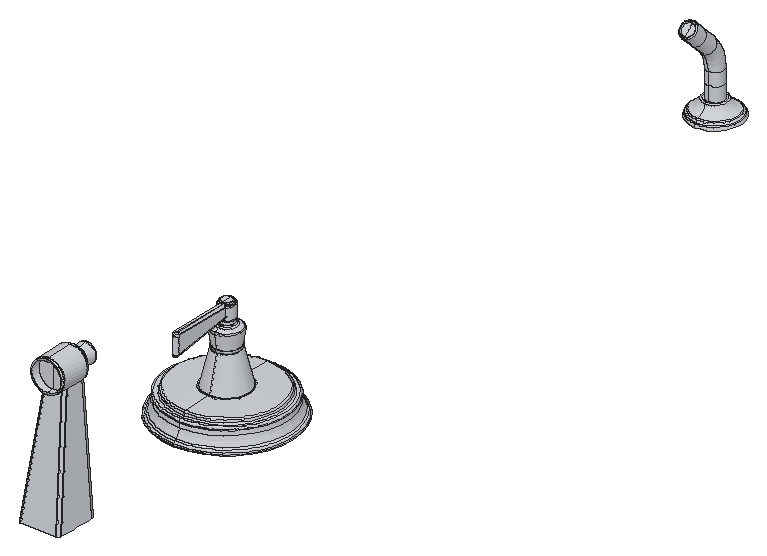
Revit family "Shower-Bath_and_Shower_Trim-KOHLER-Archer-K-TLS11077", category Plumbing Fixtures, host Face, Revit 2015 (continued)
Definition of nested family "K-TLS11077_Spout"
  Lines and regions (in)
    Masking region 3
      outline origin (0, 0, 0) x (1, 0, 0) y (0, 1, 0)
        loop
          arc (-0.85987, 0.60698) -> (-0.89601, 0.59979) -> (-0.92664, 0.57932) r 0.09443
          line (-0.92664, 0.57932) -> (-1.02932, 0.47665)
          arc (-1.02932, 0.47665) -> (-1.05081, 0.44418) -> (-1.0579, 0.40589) r 0.09766
          line (-1.0579, 0.40589) -> (-1.02624, -1.40102)
          arc (-1.02624, -1.40102) -> (-1.0185, -1.43747) -> (-0.99766, -1.46837) r 0.09766
          line (-0.99766, -1.46837) -> (-0.90381, -1.56221)
          arc (-0.90381, -1.56221) -> (-0.88353, -1.57576) -> (-0.85962, -1.58052) r 0.0625
          line (-0.85962, -1.58052) -> (0.85989, -1.58052)
          arc (0.85989, -1.58052) -> (0.88355, -1.57581) -> (0.90361, -1.56241) r 0.06183
          line (0.90361, -1.56241) -> (0.99759, -1.46843)
          arc (0.99759, -1.46843) -> (1.01848, -1.43747) -> (1.02625, -1.40093) r 0.0979
          line (1.02625, -1.40093) -> (1.0579, 0.40589)
          arc (1.0579, 0.40589) -> (1.05081, 0.44418) -> (1.02932, 0.47665) r 0.09766
          line (1.02932, 0.47665) -> (0.92645, 0.57952)
          arc (0.92645, 0.57952) -> (0.89603, 0.59984) -> (0.86015, 0.60698) r 0.09375
          line (0.86015, 0.60698) -> (0.63854, 0.60698)
          arc (0.63854, 0.60698) -> (0.60716, 0.62408) -> (0.59342, 0.65708) r 0.05379
          arc (0.59342, 0.65708) -> (0.55901, 0.73122) -> (0.48307, 0.76144) r 0.11053
    symbolic lines, detail levels medium+fine
      curve 1: line (0, 1.39374, 6.95005) -> (0, 1.39374, 6.04995)
      curve 2: line (0, 0.77344, 6.64987) -> (0, 0.77344, 6.35013)
      curve 3: line (0, 0.76144, 6.62017) -> (0, 0.76144, 6.37983)
      curve 4: line (0, 0.60698, 5.87082) -> (0, 0.60698, 7.13026)
      curve 5: line (0, 0.4315, 5.92494) -> (0, -0.43315, 5.92494)
      curve 6: line (0, -0.52462, 5.89958) -> (0, -0.64225, 5.8289)
      curve 7: line (0, 0.49019, 5.93582) -> (0, 0.58215, 5.97112)
      curve 8: arc (0, 0.58215, 5.97112) -> (0, 0.6006, 5.98595) -> (0, 0.60698, 6.00874) r 0.03874
      curve 9: arc (0, 0.49019, 5.93582) -> (0, 0.46134, 5.92769) -> (0, 0.4315, 5.92494) r 0.16376
      curve 10: arc (0, -0.43315, 5.92494) -> (0, -0.48061, 5.91849) -> (0, -0.52462, 5.89958) r 0.1776
      curve 11: line (0, -0.65893, 5.71031) -> (0, -0.64225, 5.8289)
      curve 12: circle (0, 0, 6.5) r 0.47555 normal (0, -1, 0)
      curve 13: line (-0.45005, 1.39374, 0) -> (0.45005, 1.39374, 0)
      curve 14: line (-0.14987, 0.77344, 0) -> (0.14987, 0.77344, 0)
      curve 15: line (-0.12017, 0.76144, 0) -> (0.12017, 0.76144, 0)
      curve 16: line (-0.63854, 0.60698, 0) -> (0.63854, 0.60698, 0)
      curve 17: line (-0.80829, 0.41584, 0) -> (-0.78457, -0.94289, 0)
      curve 18: line (-0.77831, -0.98743, 0) -> (-0.75691, -1.0673, 0)
      curve 19: line (-0.73566, -1.08361, 0) -> (-0.05814, -1.08361, 0)
      curve 20: arc (-0.75691, -1.0673, 0) -> (-0.74905, -1.07906, 0) -> (-0.73566, -1.08361, 0) r 0.022
      curve 21: arc (-0.78457, -0.94289, 0) -> (-0.78281, -0.96535, 0) -> (-0.77831, -0.98743, 0) r 0.18452
      curve 22: line (-0.78646, 0.46987, 0) -> (-0.67511, 0.58122, 0)
      curve 23: arc (-0.80829, 0.41584, 0) -> (-0.80287, 0.44507, 0) -> (-0.78646, 0.46987, 0) r 0.07457
      curve 24: arc (-0.67511, 0.58122, 0) -> (-0.65793, 0.59567, 0) -> (-0.63854, 0.60698, 0) r 0.13091
      curve 25: line (0.80829, 0.41584, 0) -> (0.78457, -0.94289, 0)
      curve 26: line (0.77831, -0.98743, 0) -> (0.75691, -1.0673, 0)
      curve 27: line (0.73566, -1.08361, 0) -> (-0.05814, -1.08361, 0)
      curve 28: arc (0.75691, -1.0673, 0) -> (0.74905, -1.07906, 0) -> (0.73566, -1.08361, 0) r 0.022
      curve 29: arc (0.78457, -0.94289, 0) -> (0.78281, -0.96535, 0) -> (0.77831, -0.98743, 0) r 0.18452
      curve 30: line (0.78646, 0.46987, 0) -> (0.67511, 0.58122, 0)
      curve 31: arc (0.80829, 0.41584, 0) -> (0.80287, 0.44507, 0) -> (0.78646, 0.46987, 0) r 0.07457
      curve 32: arc (0.67511, 0.58122, 0) -> (0.65793, 0.59567, 0) -> (0.63854, 0.60698, 0) r 0.13091
      curve 33: line (0.90361, 0, 0) -> (0.38864, 0, 5.88611)
      curve 34: line (-0.90361, 0, 0) -> (-0.38864, 0, 5.88611)
      curve 35: arc (0.46292, 0, 6.13458) -> (0, 0, 7.08977) -> (-0.46292, 0, 6.13458) r 0.58977
      curve 36: arc (-0.38864, 0, 5.88611) -> (-0.40204, 0, 6.01744) -> (-0.46292, 0, 6.13458) r 0.35156
      curve 37: arc (0.38864, 0, 5.88611) -> (0.40204, 0, 6.01744) -> (0.46292, 0, 6.13458) r 0.35156
  Dimensions and locks (in)
    locked: plane 4 to plane 5 at 2.1875
    locked: plane 6 to plane 2 at 6.5
    aligned and locked: plane 2 to level
Types (3): name | Type | Model | Finish
  (no name) | 1 | "K-TLS11077-4-CP" | Kohler-Metal-CP-Polished_Chrome
  CP-Polished Chrome | 1 | "K-TLS11077-4-CP" | Kohler-Metal-CP-Polished_Chrome
  BN-Vibrant Brushed Nickel | 2 | "K-TLS11077-4-BN" | Kohler-Metal-BN-Vibrant_Brushed_Nickel
